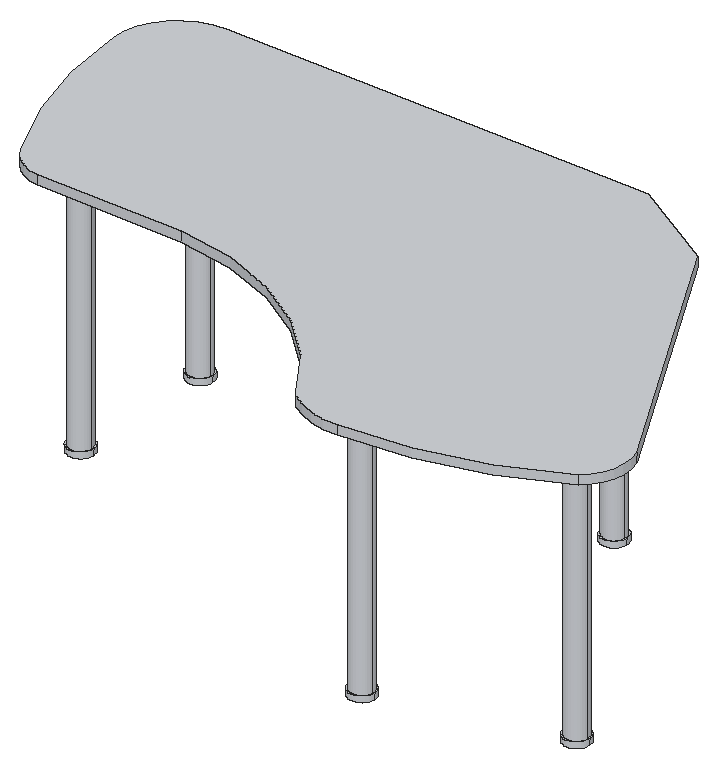
Revit family
Parameters (values of type "2000 x 1200")
  Material Table = none
  Model = "Corner table"
  Manufacturer = "Revit"
  Material Leg = none
  Keynote = "N"
  Description = "Desk"
  Assembly Code = "E2020200"
Reference planes
  plane 1 "Center (Front/Back)": y = 0
  plane 2: z = 0
  plane 3 "Center (Left/Right)": x = 0
  plane 4: y = -188.822
  plane 5: y = 218.482
  plane 6: y = -643.464
  plane 7: x = 844.996
  plane 8: x = -769.669
  plane 9: x = 362.091
  plane 10: y = -513.291
Forms (mm)
  Extrusion 1, solid, material <- "Material Table"
    sketch origin (0, 0, 0) x (1, 0, 0) y (0, 1, 0)
      loop
        arc (-869.276, 431.646) -> (-989.112, 379.662) -> (-1033.032, 256.641) r 164.118
        arc (-1033.032, 256.641) -> (-986.395, -5.272) -> (-883.808, -250.729) r 1213.547
        arc (-883.808, -250.729) -> (-842.423, -296.371) -> (-784.659, -317.8) r 129.846
        line (-784.659, -317.8) -> (-393.898, -317.8)
        arc (-393.898, -317.8) -> (-29.372, -432.137) -> (234.181, -708.709) r 763.785
        arc (234.181, -708.709) -> (240.263, -717.4) -> (247.98, -724.677) r 52.05
        arc (247.98, -724.677) -> (317.541, -759.796) -> (395.115, -767.16) r 210.182
        arc (395.115, -767.16) -> (672.658, -724.1) -> (931.684, -615.521) r 1158.579
        arc (931.684, -615.521) -> (975.03, -545.799) -> (969.593, -463.882) r 134.036
        line (969.593, -463.882) -> (537.517, 284.496) -> (282.645, 431.646) -> (-869.276, 431.646)
    from 700 to 725
Lines and regions (mm)
  Masking region 1
    outline origin (0, 0, 0) x (1, 0, 0) y (0, 1, 0)
      loop
        arc (234.181, -708.709) -> (240.263, -717.4) -> (247.98, -724.677) r 52.05
        arc (247.98, -724.677) -> (317.541, -759.796) -> (395.115, -767.16) r 210.182
        arc (395.115, -767.16) -> (672.658, -724.1) -> (931.684, -615.521) r 1158.579
        arc (931.684, -615.521) -> (975.03, -545.799) -> (969.593, -463.882) r 134.036
        line (969.593, -463.882) -> (537.517, 284.496) -> (282.645, 431.646) -> (-869.276, 431.646)
        arc (-869.276, 431.646) -> (-989.112, 379.662) -> (-1033.032, 256.641) r 164.118
        arc (-1033.032, 256.641) -> (-986.395, -5.272) -> (-883.808, -250.729) r 1213.547
        arc (-883.808, -250.729) -> (-842.423, -296.371) -> (-784.659, -317.8) r 129.846
        line (-784.659, -317.8) -> (-393.898, -317.8)
        arc (-393.898, -317.8) -> (-29.372, -432.137) -> (234.181, -708.709) r 763.785
Dimensions and locks
  aligned and locked: Extrusion 1 to nested 1
  aligned: Masking region 1 sketch curve to Extrusion 1
Nested families
  nested 1: "Leg" at (-769.669, -188.822, 0), type "Height 700mm"
  nested 2: "Leg" at (844.996, -513.291, 0) x (-1, 0, 0) z (0, 0, 1), type "Height 700mm"
  nested 3: "Leg" at (-769.669, 218.482, 0) x (-1, 0, 0) z (0, 0, 1), type "Height 700mm"
  nested 4: "Leg" at (362.091, 218.482, 0) x (-1, 0, 0) z (0, 0, 1), type "Height 700mm"
  nested 5: "Leg" at (362.091, -643.464, 0) x (-1, 0, 0) z (0, 0, 1), type "Height 700mm"
Definition of nested family "Leg"
  Parameters (values of type "Height 700mm")
    Model = "Abacus"
    Manufacturer = "LM"
    Leg Material = none
    Description = "Table Leg"
    Assembly Code = "E2020200"
  Reference planes
    plane 1 "Center (Front/Back)": y = 0
    plane 2: z = 0
    plane 3 "Center (Left/Right)": x = 0
  Forms (mm)
    Revolve 1, solid, material <- "Leg Material"
      sketch origin (0, 0, 0) x (1, 0, 0) y (0, 0, 1)
        loop
          line (0, 15) -> (0, 700) -> (-43, 700) -> (-33, 650) -> (-30, 650) -> (-30, 15) -> (0, 15)
        axis (0, 15) -> (0, 700)
      angle from 0 to 360
    Extrusion 2, solid, material <- "Leg Material"
      sketch origin (0, 0, 0) x (1, 0, 0) y (0, 1, 0)
        loop
          circle (0, 0) r 35
      from 0 to 15
  Dimensions and locks
    aligned and locked: plane 3 "Center (Left/Right)" to Revolve 1 sketch curve
    aligned and locked: Revolve 1 to Extrusion 2
